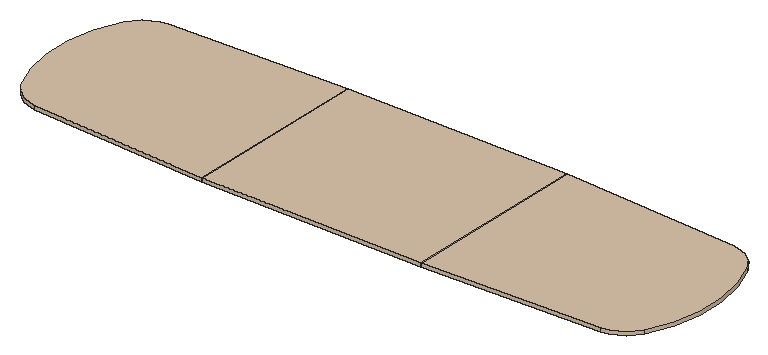
Revit family "Haworth_Planes_ColumnBaseConferenceTable_PebbleThreePiece_TopOnly", category Furniture Systems, Revit 2018
Family settings
  Round Connector Dimension = Use Diameter
  Part Type = Normal
  OmniClass Number = 23.40.70.14.64.21
  OmniClass Title = Systems Furniture
  Work Plane-Based = No
  Always vertical = Yes
  Cut with Voids When Loaded = No
  Shared = No
  Room Calculation Point = No
Parameters (values of type "216w 60d")
  Worksurface Finish [instance] = Haworth _ Laminate _ Maple H-AE
  Worksurface Edge Finish [instance] = Haworth _ Laminate _ Maple H-AE
  Width = 216"
  Warranty = "http://www.haworth.com/resources/product-info/warranties"
  URL - Product = "http://www.haworth.com/products/tables/conference/planes"
  Trim Finish = Haworth _ Laminate _ Maple H-AE
  Sustainability Info = "https://www.haworth.com/company-info/sustainability"
  Opening Single Wide = no
  Opening Single = not(or(Opening Single Wide, Opening Double, Opening Double Wide))  # no
  Opening Left/Right = not(Opening Center)  # no
  Opening Double Wide = no
  Opening Double = yes
  Opening Center = yes
  Model = "TARP"  # constant formula
  Min. Depth = 42"  # constant formula
  Max. Depth = 60"  # constant formula
  URL = "www.haworth.com"
  Support Height = Actual Height - Table Thickness  # 27 13/16"
  Size [instance] = "Verify Final Dim. w/ Haworth"  # constant formula
  Revision Number = "1"  # constant formula
  Min/Max Width = "186-270 @ 6 in. increments"  # constant formula
  Standard Height = "21, 29, 41 in."  # constant formula
  Min. Width = 186"  # constant formula
  Max. Width = 270"  # constant formula
  Min. Height = 21"  # constant formula
  Max. Height = 41"  # constant formula
  Manufacturer = "Haworth"  # constant formula
  Third Width = Actual Width / 6  # 36"
  Height = 29"
  Fliptop Width = Cutout Width + 1/4"  # 8 1/4"
  Fliptop Side Vis. = and(Flip Top, [Opening Left/Right])  # no
  Fliptop Depth = Cutout Depth + 3/8"  # 8 1/16"
  Fliptop Center Vis. = and(Flip Top, Opening Center)  # yes
  Flip Top Finish = Haworth _ Paint _ Metallic Champagne
  Flip Top = yes
  Description = "Haworth Planes Column Base Conference Table - Pebble Three Piece"  # constant formula
  Depth = 60"
  Cutout Width = if(or(Opening Single Wide, Opening Double Wide), 11", 8")  # 8"
  Cutout Side Offset = Actual Width / 12  # 18"
  Cutout Depth = if(or(Opening Double, Opening Double Wide), 7 11/16", 4")  # 7 11/16"
  Custom Size = not(and(or(Depth = 42", Depth = 48", Depth = 54", Depth = 60"), or(Width = 186", Width = 192", Width = 198", Width = 204", Width = 210", Width = 216", Width = 222", Width = 228", Width = 234", Width = 240", Width = 246", Width = 252", Width = 258", Width = 264", Width = 270")))  # no
  Base Finish = Haworth _ Metal _ Brushed Aluminum
  Author = "Haworth (Alias)"  # constant formula
  Assembly Code = "E2020200"
  Actual Width = if(Width > Max. Width, Max. Width, if(Width < Min. Width, Min. Width, Width))  # 216"
  Actual Height = if(Height > Max. Height, Max. Height, if(Height < Min. Height, Min. Height, Height))  # 29"
  Table Thickness = 1 3/16"  # constant formula
  Standard Depths = "42, 48, 54, 60 in."  # constant formula
  Actual Depth = if(Depth > Max. Depth, Max. Depth, if(Depth < Min. Depth, Min. Depth, Depth))  # 60"
Reference planes (in)
  plane 1 "Center F/B": y = 8.84134
  plane 2 "Floor": z = 0
  plane 3 "Center L/R": x = 0
  plane 4 "Table Edge Left": x = -108
  plane 5 "Table Edge Right": x = 108
  plane 6 "Table Edge Back": y = -21.15866
  plane 7 "Table Edge Front": y = 38.84134
  plane 8 "Table Top": z = 29
  plane 9 "masking region": z = 27
  plane 10 "Left Middle Support": x = -72
  plane 11 "Right Middle Support": x = 72
  plane 12: z = 27.8125
  plane 13 "Left Seam": x = -36
  plane 14 "Right Seam": x = 36
  plane 15 "Fliptop Left 1": x = -90
  plane 16 "Fliptop Left2": x = -54
  plane 17 "Fliptop Left 3": x = -18
  plane 18 "Fliptop Right 3": x = 18
  plane 19 "Fliptop Right 2": x = 54
  plane 20 "Fliptop Right 1": x = 90
Dimensions and locks (in)
  "Actual Depth": plane 7 "Table Edge Front" to plane 6 "Table Edge Back"
  "Actual Width": plane 4 "Table Edge Left" to plane 5 "Table Edge Right"
  "Actual Height": plane 8 "Table Top" to level
  "Table Thickness": plane 8 "Table Top" to plane 12
  equal spacing: plane 4 "Table Edge Left", plane 10 "Left Middle Support", plane 13 "Left Seam", plane 3 "Center L/R", plane 14 "Right Seam", plane 11 "Right Middle Support", plane 5 "Table Edge Right"
  equal spacing: plane 7 "Table Edge Front", plane 1 "Center F/B", plane 6 "Table Edge Back"
  "Cutout Side Offset": plane 14 "Right Seam" to plane 19 "Fliptop Right 2"
  "Cutout Side Offset": plane 18 "Fliptop Right 3" to plane 14 "Right Seam"
  "Cutout Side Offset": plane 13 "Left Seam" to plane 17 "Fliptop Left 3"
  "Cutout Side Offset": plane 16 "Fliptop Left2" to plane 13 "Left Seam"
  "Cutout Side Offset": plane 4 "Table Edge Left" to plane 15 "Fliptop Left 1"
  "Cutout Side Offset": plane 20 "Fliptop Right 1" to plane 5 "Table Edge Right"
  aligned and locked: nested 1 to plane 3 "Center L/R"
  aligned and locked: plane 1 "Center F/B" to nested 1
  aligned and locked: plane 2 "Floor" to nested 1
Nested families (in)
  nested 1: "Haworth_Planes_Worksurface_Pebble_3Piece_PART" at (0, -6.15866, 0), type "Worksurface"
    with Actual Width 216"
Definition of nested family "Haworth_Planes_Worksurface_Pebble_3Piece_PART"
  Parameters (values of type "Worksurface")
    Warranty = "https://www.haworth.com/resources/product-info/warranties"
    URL - Product = ""
    URL = "www.haworth.com"
    Thickness = 1 3/16"
    Table Finish = none
    Table Edge Finish = none
    Revision Number = ""
    Note = "Verify Final Dim. w/ Haworth"  # constant formula
    Manufacturer = "Haworth"  # constant formula
    Depth 60 = and(Actual Depth > 57", Actual Depth < 61")  # yes
    Depth 54 = and(Actual Depth > 51", Actual Depth < 58")  # no
    Depth 48 = and(Actual Depth > 45", Actual Depth < 52")  # no
    Depth 42 = and(Actual Depth > 41", Actual Depth < 46")  # no
    Cutout Width = 8"  # constant formula
    Cutout Dimension = 3"  # constant formula
    Cutout Depth = 4"  # constant formula
    Author = "Haworth (Alias)"  # constant formula
    Assembly Code = ""
    Actual Width = 270"
    Actual Height = 29"
    Actual Depth = 60"
  Reference planes (in)
    plane 1 "Center F/B": y = 15
    plane 2 "Bottom": z = 0
    plane 3 "Center L/R": x = 0
    plane 4 "Table Front": y = 45
    plane 5 "Table Right": x = 135
    plane 6 "Table Left": x = -135
    plane 7 "Table Back": y = -15
    plane 8 "Table Top": z = 29
    plane 9 "Table Bottom": z = 27.8125
    plane 10 "Cutout Top": z = 30
    plane 11 "Cutout Bottom": z = 27
    plane 12 "KnifeEdge Middle": z = 28.625
  Dimensions and locks (in)
    "Actual Depth": plane 7 "Table Back" to plane 4 "Table Front"
    "Actual Width": plane 6 "Table Left" to plane 5 "Table Right"
    equal spacing: plane 6 "Table Left", plane 3 "Center L/R", plane 5 "Table Right"
    equal spacing: plane 4 "Table Front", plane 1 "Center F/B", plane 7 "Table Back"
    "Thickness": plane 8 "Table Top" to plane 9 "Table Bottom"
    "Actual Height": plane 8 "Table Top" to level
    "Cutout Dimension": plane 10 "Cutout Top" to plane 11 "Cutout Bottom"
    plane 10 "Cutout Top" to plane 8 "Table Top" = 1"
    locked: plane 8 "Table Top" to plane 12 "KnifeEdge Middle" at 0.375
    aligned and locked: plane 3 "Center L/R" to nested 2
    aligned and locked: plane 3 "Center L/R" to nested 1
    aligned and locked: plane 3 "Center L/R" to nested 3
    aligned and locked: plane 3 "Center L/R" to nested 4
    aligned and locked: plane 1 "Center F/B" to nested 2
    aligned and locked: plane 1 "Center F/B" to nested 1
    aligned and locked: plane 1 "Center F/B" to nested 3
    aligned and locked: plane 1 "Center F/B" to nested 4
  Nested families (in)
    nested 1: "Haworth_Planes_Worksurface_Pebble54_3Pieces_Part" at (0, 0, 0), visible <- "Depth 54", type "Worksurface"
      with Width 270", Center Cutout Offset 45", Actual Width 270", 270w yes, 186w no
    nested 2: "Haworth_Planes_Worksurface_Pebble60_3Pieces_Part" at (0, 0, 0), visible <- "Depth 60", type "Worksurface"
      with Width 270", Center Cutout Offset 45", Actual Width 270", 270w yes, 186w no
    nested 3: "Haworth_Planes_Worksurface_Pebble48_3Pieces_Part" at (0, 0, 0), visible <- "Depth 48", type "Worksurface"
      with Width 270", Center Cutout Offset 45", Actual Width 270", 270w yes, 186w no
    nested 4: "Haworth_Planes_Worksurface_Pebble42_3Pieces_Part" at (0, 0, 0), visible <- "Depth 42", type "Worksurface"
      with Width 270", Center Cutout Offset 45", Actual Width 270", 270w yes, 186w no
  Definition of nested family "Haworth_Planes_Worksurface_Pebble54_3Pieces_Part"
    Parameters (values of type "Worksurface")
      Width = 180"
      Warranty = "https://www.haworth.com/resources/product-info/warranties"
      URL - Product = ""
      URL = "www.haworth.com"
      Thickness = 1 3/16"
      Table Finish = none
      Table Edge Finish = none
      Revision Number = ""
      Note = "Verify Final Dim. w/ Haworth"  # constant formula
      Min. Width = 186"  # constant formula
      Min. Depth = 54"  # constant formula
      Max. Width = 270"  # constant formula
      Max. Depth = 54"  # constant formula
      Manufacturer = "Haworth"  # constant formula
      Depth = 54"  # constant formula
      Cutout Width = 8"  # constant formula
      Cutout Dimension = 3"  # constant formula
      Cutout Depth = 4"  # constant formula
      Center Cutout Offset = Actual Width / 6  # 31"
      Author = "Haworth (Alias)"  # constant formula
      Assembly Code = ""
      Actual Width = if(Width < Min. Width, Min. Width, if(Width > Max. Width, Max. Width, Width))  # 186"
      Actual Height = 29"
      Actual Depth = if(Depth > Max. Depth, Max. Depth, if(Depth < Min. Depth, Min. Depth, Depth))  # 54"
      270w = and(267" < Actual Width, Actual Width < 271")  # no
      264w = and(261" < Actual Width, Actual Width < 268")  # no
      258w = and(255" < Actual Width, Actual Width < 262")  # no
      252w = and(249" < Actual Width, Actual Width < 256")  # no
      246w = and(243" < Actual Width, Actual Width < 250")  # no
      240w = and(237" < Actual Width, Actual Width < 244")  # no
      234w = and(231" < Actual Width, Actual Width < 238")  # no
      228w = and(225" < Actual Width, Actual Width < 232")  # no
      222w = and(219" < Actual Width, Actual Width < 226")  # no
      216w = and(213" < Actual Width, Actual Width < 220")  # no
      210w = and(207" < Actual Width, Actual Width < 214")  # no
      204w = and(201" < Actual Width, Actual Width < 208")  # no
      198w = and(195" < Actual Width, Actual Width < 202")  # no
      192w = and(189" < Actual Width, Actual Width < 196")  # no
      186w = and(185" < Actual Width, Actual Width < 190")  # yes
    Reference planes (in)
      plane 1 "Center F/B": y = 15
      plane 2 "Bottom": z = 0
      plane 3 "Center L/R": x = 0
      plane 4 "Table Top": z = 29
      plane 5 "Table Bottom": z = 27.8125
      plane 6 "Cutout Top": z = 30
      plane 7 "Cutout Bottom": z = 27
      plane 8 "KnifeEdge Middle": z = 28.625
    Forms (in)
      Extrusion 1, solid, material <- "Table Finish", visible <- "186w"
        sketch origin (-305.97381, -90.60307, 0) x (1, 0, 0) y (0, 1, 0)
          loop
            arc (226.58168, 81.28787) -> (250.82287, 79.35532) -> (275.13381, 78.76561) r 439.79367
            line (275.13381, 78.76561) -> (275.13381, 132.44053)
            arc (275.13381, 132.44053) -> (250.82287, 131.85082) -> (226.58168, 129.91827) r 439.79367
            arc (226.58168, 129.91827) -> (220.63545, 127.56442) -> (216.74271, 122.49047) r 12
            arc (216.74271, 122.49047) -> (213.45381, 105.60307) -> (216.74271, 88.71567) r 45
            arc (216.74271, 88.71567) -> (220.63545, 83.64172) -> (226.58168, 81.28787) r 12
          loop
            arc (336.81381, 78.76561) -> (361.12475, 79.35532) -> (385.36594, 81.28787) r 439.79367
            arc (385.36594, 81.28787) -> (391.31218, 83.64172) -> (395.20491, 88.71567) r 12
            arc (395.20491, 88.71567) -> (398.49381, 105.60307) -> (395.20491, 122.49047) r 45
            arc (395.20491, 122.49047) -> (391.31218, 127.56442) -> (385.36594, 129.91827) r 12
            arc (385.36594, 129.91827) -> (361.12475, 131.85082) -> (336.81381, 132.44053) r 439.79367
            line (336.81381, 132.44053) -> (336.81381, 78.76561)
        from 27.8125 to 29
      Extrusion 2, solid, material <- "Table Finish", visible <- "192w"
        sketch origin (-305.63818, -149.45142, 0) x (1, 0, 0) y (0, 1, 0)
          loop
            arc (213.4076, 181.34011) -> (210.11818, 164.45142) -> (213.4076, 147.56274) r 45
            arc (213.4076, 147.56274) -> (217.32199, 142.47272) -> (223.30033, 140.1296) r 12
            arc (223.30033, 140.1296) -> (248.51597, 138.20359) -> (273.79818, 137.61377) r 478.03208
            line (273.79818, 137.61377) -> (273.79818, 191.28908)
            arc (273.79818, 191.28908) -> (248.51597, 190.69926) -> (223.30033, 188.77325) r 478.03208
            arc (223.30033, 188.77325) -> (217.32199, 186.43013) -> (213.4076, 181.34011) r 12
          loop
            arc (337.47818, 137.61377) -> (362.76039, 138.20359) -> (387.97603, 140.1296) r 478.03208
            arc (387.97603, 140.1296) -> (393.95437, 142.47272) -> (397.86876, 147.56274) r 12
            arc (397.86876, 147.56274) -> (401.15818, 164.45142) -> (397.86876, 181.34011) r 45
            arc (397.86876, 181.34011) -> (393.95437, 186.43013) -> (387.97603, 188.77325) r 12
            arc (387.97603, 188.77325) -> (362.76039, 190.69926) -> (337.47818, 191.28908) r 478.03208
            line (337.47818, 191.28908) -> (337.47818, 137.61377)
        from 27.8125 to 29
      Extrusion 3, solid, material <- "Table Finish", visible <- "198w"
        sketch origin (-305.63818, -205.71285, 0) x (1, 0, 0) y (0, 1, 0)
          loop
            arc (210.40796, 237.60241) -> (207.11818, 220.71285) -> (210.40796, 203.82329) r 45
            arc (210.40796, 203.82329) -> (214.34224, 198.71852) -> (220.35005, 196.38539) r 12
            arc (220.35005, 196.38539) -> (246.54228, 194.46504) -> (272.79818, 193.87501) r 517.86972
            line (272.79818, 193.87501) -> (272.79818, 247.55069)
            arc (272.79818, 247.55069) -> (246.54228, 246.96066) -> (220.35005, 245.04031) r 517.86972
            arc (220.35005, 245.04031) -> (214.34224, 242.70719) -> (210.40796, 237.60241) r 12
          loop
            arc (338.47818, 193.87501) -> (364.73408, 194.46504) -> (390.92631, 196.38539) r 517.86972
            arc (390.92631, 196.38539) -> (396.93412, 198.71852) -> (400.8684, 203.82329) r 12
            arc (400.8684, 203.82329) -> (404.15818, 220.71285) -> (400.8684, 237.60241) r 45
            arc (400.8684, 237.60241) -> (396.93412, 242.70719) -> (390.92631, 245.04031) r 12
            arc (390.92631, 245.04031) -> (364.73408, 246.96066) -> (338.47818, 247.55069) r 517.86972
            line (338.47818, 247.55069) -> (338.47818, 193.87501)
        from 27.8125 to 29
      Extrusion 4, solid, material <- "Table Finish", visible <- "204w"
        sketch origin (-304.79798, -262.814, 0) x (1, 0, 0) y (0, 1, 0)
          loop
            arc (206.56798, 294.70412) -> (203.27798, 277.814) -> (206.56798, 260.92388) r 45
            arc (206.56798, 260.92388) -> (210.5206, 255.80552) -> (216.55557, 253.48172) r 12
            arc (216.55557, 253.48172) -> (243.72626, 251.56632) -> (270.95798, 250.97601) r 559.30658
            line (270.95798, 250.97601) -> (270.95798, 304.65199)
            arc (270.95798, 304.65199) -> (243.72626, 304.06168) -> (216.55557, 302.14628) r 559.30658
            arc (216.55557, 302.14628) -> (210.5206, 299.82248) -> (206.56798, 294.70412) r 12
          loop
            arc (338.63798, 250.97601) -> (365.86969, 251.56632) -> (393.04038, 253.48172) r 559.30658
            arc (393.04038, 253.48172) -> (399.07535, 255.80552) -> (403.02797, 260.92388) r 12
            arc (403.02797, 260.92388) -> (406.31798, 277.814) -> (403.02797, 294.70412) r 45
            arc (403.02797, 294.70412) -> (399.07535, 299.82248) -> (393.04038, 302.14628) r 12
            arc (393.04038, 302.14628) -> (365.86969, 304.06168) -> (338.63798, 304.65199) r 559.30658
            line (338.63798, 304.65199) -> (338.63798, 250.97601)
        from 27.8125 to 29
      Extrusion 5, solid, material <- "Table Finish", visible <- "210w"
        sketch origin (-304.79798, -318.65556, 0) x (1, 0, 0) y (0, 1, 0)
          loop
            arc (203.5681, 350.54598) -> (200.27798, 333.65556) -> (203.5681, 316.76515) r 45
            arc (203.5681, 316.76515) -> (207.5377, 311.63421) -> (213.59778, 309.31913) r 12
            arc (213.59778, 309.31913) -> (241.74857, 307.40808) -> (269.95798, 306.81743) r 602.34267
            line (269.95798, 306.81743) -> (269.95798, 360.4937)
            arc (269.95798, 360.4937) -> (241.74857, 359.90305) -> (213.59778, 357.99199) r 602.34267
            arc (213.59778, 357.99199) -> (207.5377, 355.67691) -> (203.5681, 350.54598) r 12
          loop
            arc (339.63798, 306.81743) -> (367.84738, 307.40808) -> (395.99818, 309.31913) r 602.34267
            arc (395.99818, 309.31913) -> (402.05826, 311.63421) -> (406.02785, 316.76515) r 12
            arc (406.02785, 316.76515) -> (409.31798, 333.65556) -> (406.02785, 350.54598) r 45
            arc (406.02785, 350.54598) -> (402.05826, 355.67691) -> (395.99818, 357.99199) r 12
            arc (395.99818, 357.99199) -> (367.84738, 359.90305) -> (339.63798, 360.4937) r 602.34267
            line (339.63798, 360.4937) -> (339.63798, 306.81743)
        from 27.8125 to 29
      Extrusion 6, solid, material <- "Table Finish", visible <- "216w"
        sketch origin (-304.80652, -375, 0) x (1, 0, 0) y (0, 1, 0)
          loop
            arc (200.57668, 406.45979) -> (197.28652, 389.56928) -> (200.57668, 372.67878) r 45
            arc (200.57668, 372.67878) -> (204.56202, 367.53619) -> (210.6454, 365.22928) r 12
            arc (210.6454, 365.22928) -> (239.77777, 363.32205) -> (268.96652, 362.73102) r 646.97799
            line (268.96652, 362.73102) -> (268.96652, 416.40754)
            arc (268.96652, 416.40754) -> (239.77777, 415.81651) -> (210.6454, 413.90928) r 646.97799
            arc (210.6454, 413.90928) -> (204.56202, 411.60238) -> (200.57668, 406.45979) r 12
          loop
            arc (340.64652, 362.73102) -> (369.83527, 363.32205) -> (398.96764, 365.22928) r 646.97799
            arc (398.96764, 365.22928) -> (405.05101, 367.53619) -> (409.03636, 372.67878) r 12
            arc (409.03636, 372.67878) -> (412.32652, 389.56928) -> (409.03636, 406.45979) r 45
            arc (409.03636, 406.45979) -> (405.05101, 411.60238) -> (398.96764, 413.90928) r 12
            arc (398.96764, 413.90928) -> (369.83527, 415.81651) -> (340.64652, 416.40754) r 646.97799
            line (340.64652, 416.40754) -> (340.64652, 362.73102)
        from 27.8125 to 29
      Extrusion 7, solid, material <- "Table Finish", visible <- "222w"
        sketch origin (-303.79135, -430.76939, 0) x (1, 0, 0) y (0, 1, 0)
          loop
            arc (196.56148, 462.65981) -> (193.27135, 445.76939) -> (196.56148, 428.87896) r 45
            arc (196.56148, 428.87896) -> (200.56149, 423.72553) -> (206.66652, 421.4263) r 12
            arc (206.66652, 421.4263) -> (236.78178, 419.52245) -> (266.95135, 418.93101) r 693.21253
            line (266.95135, 418.93101) -> (266.95135, 472.60776)
            arc (266.95135, 472.60776) -> (236.78178, 472.01632) -> (206.66652, 470.11248) r 693.21253
            arc (206.66652, 470.11248) -> (200.56149, 467.81325) -> (196.56148, 462.65981) r 12
          loop
            arc (340.63135, 418.93101) -> (370.80093, 419.52245) -> (400.91618, 421.4263) r 693.21253
            arc (400.91618, 421.4263) -> (407.02122, 423.72553) -> (411.02123, 428.87896) r 12
            arc (411.02123, 428.87896) -> (414.31135, 445.76939) -> (411.02123, 462.65981) r 45
            arc (411.02123, 462.65981) -> (407.02122, 467.81325) -> (400.91618, 470.11248) r 12
            arc (400.91618, 470.11248) -> (370.80093, 472.01632) -> (340.63135, 472.60776) r 693.21253
            line (340.63135, 472.60776) -> (340.63135, 418.93101)
        from 27.8125 to 29
      Extrusion 8, solid, material <- "Table Finish", visible <- "228w"
        sketch origin (-303.59217, -487.22586, 0) x (1, 0, 0) y (0, 1, 0)
          loop
            arc (193.36221, 519.11607) -> (190.07217, 502.22586) -> (193.36221, 485.33564) r 45
            arc (193.36221, 485.33564) -> (197.3759, 480.1721) -> (203.50114, 477.88009) r 12
            arc (203.50114, 477.88009) -> (234.60045, 475.97925) -> (265.75217, 475.38738) r 741.0463
            line (265.75217, 475.38738) -> (265.75217, 529.06434)
            arc (265.75217, 529.06434) -> (234.60045, 528.47246) -> (203.50114, 526.57163) r 741.0463
            arc (203.50114, 526.57163) -> (197.3759, 524.27962) -> (193.36221, 519.11607) r 12
          loop
            arc (341.43217, 475.38738) -> (372.58389, 475.97925) -> (403.6832, 477.88009) r 741.0463
            arc (403.6832, 477.88009) -> (409.80844, 480.1721) -> (413.82213, 485.33564) r 12
            arc (413.82213, 485.33564) -> (417.11217, 502.22586) -> (413.82213, 519.11607) r 45
            arc (413.82213, 519.11607) -> (409.80844, 524.27962) -> (403.6832, 526.57163) r 12
            arc (403.6832, 526.57163) -> (372.58389, 528.47246) -> (341.43217, 529.06434) r 741.0463
            line (341.43217, 529.06434) -> (341.43217, 475.38738)
        from 27.8125 to 29
      Extrusion 9, solid, material <- "Table Finish", visible <- "234w"
        sketch origin (-302.7499, -543.20476, 0) x (1, 0, 0) y (0, 1, 0)
          loop
            arc (189.51981, 575.09466) -> (186.2299, 558.20476) -> (189.51981, 541.31486) r 45
            arc (189.51981, 541.31486) -> (193.54629, 536.14186) -> (199.69042, 533.85667) r 12
            arc (199.69042, 533.85667) -> (231.77484, 531.95851) -> (263.9099, 531.36619) r 790.4793
            line (263.9099, 531.36619) -> (263.9099, 585.04333)
            arc (263.9099, 585.04333) -> (231.77484, 584.45101) -> (199.69042, 582.55286) r 790.4793
            arc (199.69042, 582.55286) -> (193.54629, 580.26766) -> (189.51981, 575.09466) r 12
          loop
            arc (341.5899, 531.36619) -> (373.72496, 531.95851) -> (405.80938, 533.85667) r 790.4793
            arc (405.80938, 533.85667) -> (411.95351, 536.14186) -> (415.97998, 541.31486) r 12
            arc (415.97998, 541.31486) -> (419.2699, 558.20476) -> (415.97998, 575.09466) r 45
            arc (415.97998, 575.09466) -> (411.95351, 580.26766) -> (405.80938, 582.55286) r 12
            arc (405.80938, 582.55286) -> (373.72496, 584.45101) -> (341.5899, 585.04333) r 790.4793
            line (341.5899, 585.04333) -> (341.5899, 531.36619)
        from 27.8125 to 29
      Extrusion 10, solid, material <- "Table Finish", visible <- "240w"
        sketch origin (-303.14346, -599.15381, 0) x (1, 0, 0) y (0, 1, 0)
          loop
            arc (186.91321, 631.0433) -> (183.62346, 614.15381) -> (186.91321, 597.26432) r 45
            arc (186.91321, 597.26432) -> (190.95169, 592.08246) -> (197.11352, 589.80369) r 12
            arc (197.11352, 589.80369) -> (230.184, 587.90793) -> (263.30346, 587.31515) r 841.51153
            line (263.30346, 587.31515) -> (263.30346, 640.99247)
            arc (263.30346, 640.99247) -> (230.184, 640.39969) -> (197.11352, 638.50393) r 841.51153
            arc (197.11352, 638.50393) -> (190.95169, 636.22516) -> (186.91321, 631.0433) r 12
          loop
            arc (342.98346, 587.31515) -> (376.10293, 587.90793) -> (409.17341, 589.80369) r 841.51153
            arc (409.17341, 589.80369) -> (415.33524, 592.08246) -> (419.37371, 597.26432) r 12
            arc (419.37371, 597.26432) -> (422.66346, 614.15381) -> (419.37371, 631.0433) r 45
            arc (419.37371, 631.0433) -> (415.33524, 636.22516) -> (409.17341, 638.50393) r 12
            arc (409.17341, 638.50393) -> (376.10293, 640.39969) -> (342.98346, 640.99247) r 841.51153
            line (342.98346, 640.99247) -> (342.98346, 587.31515)
        from 27.8125 to 29
      Extrusion 11, solid, material <- "Table Finish", visible <- "246w"
        sketch origin (-302.15763, -660.53693, 0) x (1, 0, 0) y (0, 1, 0)
          loop
            arc (182.92719, 692.42595) -> (179.63763, 675.53693) -> (182.92719, 658.64791) r 45
            arc (182.92719, 658.64791) -> (186.97693, 653.45773) -> (193.15538, 651.18504) r 12
            arc (193.15538, 651.18504) -> (227.21279, 649.29143) -> (261.31763, 648.6982) r 894.14298
            line (261.31763, 648.6982) -> (261.31763, 702.37567)
            arc (261.31763, 702.37567) -> (227.21279, 701.78243) -> (193.15538, 699.88882) r 894.14298
            arc (193.15538, 699.88882) -> (186.97693, 697.61613) -> (182.92719, 692.42595) r 12
          loop
            arc (342.99763, 648.6982) -> (377.10248, 649.29143) -> (411.15988, 651.18504) r 894.14298
            arc (411.15988, 651.18504) -> (417.33833, 653.45773) -> (421.38807, 658.64791) r 12
            arc (421.38807, 658.64791) -> (424.67763, 675.53693) -> (421.38807, 692.42595) r 45
            arc (421.38807, 692.42595) -> (417.33833, 697.61613) -> (411.15988, 699.88882) r 12
            arc (411.15988, 699.88882) -> (377.10248, 701.78243) -> (342.99763, 702.37567) r 894.14298
            line (342.99763, 702.37567) -> (342.99763, 648.6982)
        from 27.8125 to 29
      Extrusion 12, solid, material <- "Table Finish", visible <- "252w"
        sketch origin (-303.51172, -719.4057, 0) x (1, 0, 0) y (0, 1, 0)
          loop
            arc (181.28106, 751.29419) -> (177.99172, 734.4057) -> (181.28106, 717.5172) r 45
            arc (181.28106, 717.5172) -> (185.34141, 712.31919) -> (191.5355, 710.05226) r 12
            arc (191.5355, 710.05226) -> (226.58061, 708.16059) -> (261.67172, 707.56689) r 948.37366
            line (261.67172, 707.56689) -> (261.67172, 761.2445)
            arc (261.67172, 761.2445) -> (226.58061, 760.6508) -> (191.5355, 758.75913) r 948.37366
            arc (191.5355, 758.75913) -> (185.34141, 756.4922) -> (181.28106, 751.29419) r 12
          loop
            arc (345.35172, 707.56689) -> (380.44282, 708.16059) -> (415.48793, 710.05226) r 948.37366
            arc (415.48793, 710.05226) -> (421.68202, 712.31919) -> (425.74237, 717.5172) r 12
            arc (425.74237, 717.5172) -> (429.03172, 734.4057) -> (425.74237, 751.29419) r 45
            arc (425.74237, 751.29419) -> (421.68202, 756.4922) -> (415.48793, 758.75913) r 12
            arc (415.48793, 758.75913) -> (380.44282, 760.6508) -> (345.35172, 761.2445) r 948.37366
            line (345.35172, 761.2445) -> (345.35172, 707.56689)
        from 27.8125 to 29
      Extrusion 13, solid, material <- "Table Finish", visible <- "258w"
        sketch origin (-301.48059, -778.27446, 0) x (1, 0, 0) y (0, 1, 0)
          loop
            arc (176.24971, 810.16239) -> (172.96059, 793.27446) -> (176.24971, 776.38654) r 45
            arc (176.24971, 776.38654) -> (180.32006, 771.18115) -> (186.52889, 768.91968) r 12
            arc (186.52889, 768.91968) -> (222.56242, 767.02975) -> (258.64059, 766.43559) r 1004.20356
            line (258.64059, 766.43559) -> (258.64059, 820.11333)
            arc (258.64059, 820.11333) -> (222.56242, 819.51917) -> (186.52889, 817.62925) r 1004.20356
            arc (186.52889, 817.62925) -> (180.32006, 815.36778) -> (176.24971, 810.16239) r 12
          loop
            arc (344.32059, 766.43559) -> (380.39876, 767.02975) -> (416.43229, 768.91968) r 1004.20356
            arc (416.43229, 768.91968) -> (422.64113, 771.18115) -> (426.71148, 776.38654) r 12
            arc (426.71148, 776.38654) -> (430.00059, 793.27446) -> (426.71148, 810.16239) r 45
            arc (426.71148, 810.16239) -> (422.64113, 815.36778) -> (416.43229, 817.62925) r 12
            arc (416.43229, 817.62925) -> (380.39876, 819.51917) -> (344.32059, 820.11333) r 1004.20356
            line (344.32059, 820.11333) -> (344.32059, 766.43559)
        from 27.8125 to 29
      Extrusion 14, solid, material <- "Table Finish", visible <- "264w"
        sketch origin (-300.95179, -836.17506, 0) x (1, 0, 0) y (0, 1, 0)
          loop
            arc (172.72066, 868.06239) -> (169.43179, 851.17506) -> (172.72066, 834.28773) r 45
            arc (172.72066, 834.28773) -> (176.80046, 829.07537) -> (183.02321, 826.8191) r 12
            arc (183.02321, 826.8191) -> (220.04582, 824.93075) -> (257.11179, 824.33613) r 1061.63269
            line (257.11179, 824.33613) -> (257.11179, 878.01399)
            arc (257.11179, 878.01399) -> (220.04582, 877.41937) -> (183.02321, 875.53102) r 1061.63269
            arc (183.02321, 875.53102) -> (176.80046, 873.27474) -> (172.72066, 868.06239) r 12
          loop
            arc (344.79179, 824.33613) -> (381.85775, 824.93075) -> (418.88036, 826.8191) r 1061.63269
            arc (418.88036, 826.8191) -> (425.10312, 829.07537) -> (429.18291, 834.28773) r 12
            arc (429.18291, 834.28773) -> (432.47179, 851.17506) -> (429.18291, 868.06239) r 45
            arc (429.18291, 868.06239) -> (425.10312, 873.27474) -> (418.88036, 875.53102) r 12
            arc (418.88036, 875.53102) -> (381.85775, 877.41937) -> (344.79179, 878.01399) r 1061.63269
            line (344.79179, 878.01399) -> (344.79179, 824.33613)
        from 27.8125 to 29
      Extrusion 15, solid, material <- "Table Finish", visible <- "270w"
        sketch origin (-300.83545, -897.80155, 0) x (1, 0, 0) y (0, 1, 0)
          loop
            arc (169.60407, 929.68825) -> (166.31545, 912.80155) -> (169.60407, 895.91485) r 45
            arc (169.60407, 895.91485) -> (173.69281, 890.6959) -> (179.92873, 888.44456) r 12
            arc (179.92873, 888.44456) -> (217.94102, 886.55764) -> (255.99545, 885.96256) r 1120.66105
            line (255.99545, 885.96256) -> (255.99545, 939.64053)
            arc (255.99545, 939.64053) -> (217.94102, 939.04546) -> (179.92873, 937.15854) r 1120.66105
            arc (179.92873, 937.15854) -> (173.69281, 934.9072) -> (169.60407, 929.68825) r 12
          loop
            arc (345.67545, 885.96256) -> (383.72989, 886.55764) -> (421.74218, 888.44456) r 1120.66105
            arc (421.74218, 888.44456) -> (427.9781, 890.6959) -> (432.06683, 895.91485) r 12
            arc (432.06683, 895.91485) -> (435.35545, 912.80155) -> (432.06683, 929.68825) r 45
            arc (432.06683, 929.68825) -> (427.9781, 934.9072) -> (421.74218, 937.15854) r 12
            arc (421.74218, 937.15854) -> (383.72989, 939.04546) -> (345.67545, 939.64053) r 1120.66105
            line (345.67545, 939.64053) -> (345.67545, 885.96256)
        from 27.8125 to 29
      Extrusion 16, solid, material <- "Table Finish", visible <- "186w"
        sketch origin (-305.97381, -90.60307, 0) x (1, 0, 0) y (0, 1, 0)
          loop
            line (275.13381, 132.44053) -> (275.13381, 78.76561) -> (336.81381, 78.76561) -> (336.81381, 132.44053) -> (275.13381, 132.44053)
        from 27.8125 to 29
      Extrusion 17, solid, material <- "Table Finish", visible <- "192w"
        sketch origin (-305.63818, -149.45142, 0) x (1, 0, 0) y (0, 1, 0)
          loop
            line (273.79818, 191.28908) -> (273.79818, 137.61377) -> (337.47818, 137.61377) -> (337.47818, 191.28908) -> (273.79818, 191.28908)
        from 27.8125 to 29
      Extrusion 18, solid, material <- "Table Finish", visible <- "198w"
        sketch origin (-305.63818, -205.71285, 0) x (1, 0, 0) y (0, 1, 0)
          loop
            line (272.79818, 247.55069) -> (272.79818, 193.87501) -> (338.47818, 193.87501) -> (338.47818, 247.55069) -> (272.79818, 247.55069)
        from 27.8125 to 29
      Extrusion 19, solid, material <- "Table Finish", visible <- "204w"
        sketch origin (-304.79798, -262.814, 0) x (1, 0, 0) y (0, 1, 0)
          loop
            line (270.95798, 304.65199) -> (270.95798, 250.97601) -> (338.63798, 250.97601) -> (338.63798, 304.65199) -> (270.95798, 304.65199)
        from 27.8125 to 29
      Extrusion 20, solid, material <- "Table Finish", visible <- "210w"
        sketch origin (-304.79798, -318.65556, 0) x (1, 0, 0) y (0, 1, 0)
          loop
            line (269.95798, 360.4937) -> (269.95798, 306.81743) -> (339.63798, 306.81743) -> (339.63798, 360.4937) -> (269.95798, 360.4937)
        from 27.8125 to 29
      Extrusion 21, solid, material <- "Table Finish", visible <- "216w"
        sketch origin (-304.80652, -375, 0) x (1, 0, 0) y (0, 1, 0)
          loop
            line (268.96652, 416.40754) -> (268.96652, 362.73102) -> (340.64652, 362.73102) -> (340.64652, 416.40754) -> (268.96652, 416.40754)
        from 27.8125 to 29
      Extrusion 22, solid, material <- "Table Finish", visible <- "222w"
        sketch origin (-303.79135, -430.76939, 0) x (1, 0, 0) y (0, 1, 0)
          loop
            line (266.95135, 472.60776) -> (266.95135, 418.93101) -> (340.63135, 418.93101) -> (340.63135, 472.60776) -> (266.95135, 472.60776)
        from 27.8125 to 29
      Extrusion 23, solid, material <- "Table Finish", visible <- "228w"
        sketch origin (-303.59217, -487.22586, 0) x (1, 0, 0) y (0, 1, 0)
          loop
            line (265.75217, 529.06434) -> (265.75217, 475.38738) -> (341.43217, 475.38738) -> (341.43217, 529.06434) -> (265.75217, 529.06434)
        from 27.8125 to 29
      Extrusion 24, solid, material <- "Table Finish", visible <- "234w"
        sketch origin (-302.7499, -543.20476, 0) x (1, 0, 0) y (0, 1, 0)
          loop
            line (263.9099, 585.04333) -> (263.9099, 531.36619) -> (341.5899, 531.36619) -> (341.5899, 585.04333) -> (263.9099, 585.04333)
        from 27.8125 to 29
      Extrusion 25, solid, material <- "Table Finish", visible <- "240w"
        sketch origin (-303.14346, -599.15381, 0) x (1, 0, 0) y (0, 1, 0)
          loop
            line (263.30346, 640.99247) -> (263.30346, 587.31515) -> (342.98346, 587.31515) -> (342.98346, 640.99247) -> (263.30346, 640.99247)
        from 27.8125 to 29
      Extrusion 26, solid, material <- "Table Finish", visible <- "246w"
        sketch origin (-302.15763, -660.53693, 0) x (1, 0, 0) y (0, 1, 0)
          loop
            line (261.31763, 702.37567) -> (261.31763, 648.6982) -> (342.99763, 648.6982) -> (342.99763, 702.37567) -> (261.31763, 702.37567)
        from 27.8125 to 29
      Extrusion 27, solid, material <- "Table Finish", visible <- "252w"
        sketch origin (-303.51172, -719.4057, 0) x (1, 0, 0) y (0, 1, 0)
          loop
            line (261.67172, 761.2445) -> (261.67172, 707.56689) -> (345.35172, 707.56689) -> (345.35172, 761.2445) -> (261.67172, 761.2445)
        from 27.8125 to 29
      Extrusion 28, solid, material <- "Table Finish", visible <- "258w"
        sketch origin (-301.48059, -778.27446, 0) x (1, 0, 0) y (0, 1, 0)
          loop
            line (258.64059, 820.11333) -> (258.64059, 766.43559) -> (344.32059, 766.43559) -> (344.32059, 820.11333) -> (258.64059, 820.11333)
        from 27.8125 to 29
      Extrusion 29, solid, material <- "Table Finish", visible <- "264w"
        sketch origin (-300.95179, -836.17506, 0) x (1, 0, 0) y (0, 1, 0)
          loop
            line (257.11179, 878.01399) -> (257.11179, 824.33613) -> (344.79179, 824.33613) -> (344.79179, 878.01399) -> (257.11179, 878.01399)
        from 27.8125 to 29
      Extrusion 30, solid, material <- "Table Finish", visible <- "270w"
        sketch origin (-300.83545, -897.80155, 0) x (1, 0, 0) y (0, 1, 0)
          loop
            line (255.99545, 939.64053) -> (255.99545, 885.96256) -> (345.67545, 885.96256) -> (345.67545, 939.64053) -> (255.99545, 939.64053)
        from 27.8125 to 29
    Lines and regions (in)
      Masking region 1, visible <- "186w"
        outline origin (-305.97381, -90.60307, 0) x (1, 0, 0) y (0, 1, 0)
          loop
            arc (226.81269, 81.26307) -> (250.18991, 79.38866) -> (273.63381, 78.76307) r 439.79367
            line (273.63381, 78.76307) -> (338.31381, 78.76307)
            arc (338.31381, 78.76307) -> (361.75771, 79.38866) -> (385.13493, 81.26307) r 439.79367
            arc (385.13493, 81.26307) -> (391.2183, 83.56998) -> (395.20365, 88.71256) r 12
            arc (395.20365, 88.71256) -> (398.49381, 105.60307) -> (395.20365, 122.49357) r 45
            arc (395.20365, 122.49357) -> (391.2183, 127.63616) -> (385.13493, 129.94307) r 12
            arc (385.13493, 129.94307) -> (361.75772, 131.81748) -> (338.31382, 132.44307) r 439.79367
            line (338.31382, 132.44307) -> (273.6338, 132.44307)
            arc (273.6338, 132.44307) -> (250.18991, 131.81748) -> (226.81269, 129.94307) r 439.79367
            arc (226.81269, 129.94307) -> (220.72932, 127.63616) -> (216.74397, 122.49357) r 12
            arc (216.74397, 122.49357) -> (213.45381, 105.60307) -> (216.74397, 88.71256) r 45
            arc (216.74397, 88.71256) -> (220.72932, 83.56998) -> (226.81269, 81.26307) r 12
      Masking region 2, visible <- "192w"
        outline origin (-305.63818, -149.45142, 0) x (1, 0, 0) y (0, 1, 0)
          loop
            arc (213.40834, 181.34193) -> (210.11818, 164.45142) -> (213.40834, 147.56092) r 45
            arc (213.40834, 147.56092) -> (217.39369, 142.41833) -> (223.47706, 140.11142) r 12
            arc (223.47706, 140.11142) -> (247.85564, 138.23694) -> (272.29818, 137.61142) r 478.03208
            line (272.29818, 137.61142) -> (338.97818, 137.61142)
            arc (338.97818, 137.61142) -> (363.42072, 138.23694) -> (387.7993, 140.11142) r 478.03208
            arc (387.7993, 140.11142) -> (393.88267, 142.41833) -> (397.86802, 147.56092) r 12
            arc (397.86802, 147.56092) -> (401.15818, 164.45142) -> (397.86802, 181.34193) r 45
            arc (397.86802, 181.34193) -> (393.88267, 186.48452) -> (387.7993, 188.79142) r 12
            arc (387.7993, 188.79142) -> (363.42073, 190.66591) -> (338.97819, 191.29142) r 478.03208
            line (338.97819, 191.29142) -> (272.29817, 191.29142)
            arc (272.29817, 191.29142) -> (247.85564, 190.66591) -> (223.47706, 188.79142) r 478.03208
            arc (223.47706, 188.79142) -> (217.39369, 186.48452) -> (213.40834, 181.34193) r 12
      Masking region 3, visible <- "198w"
        outline origin (-305.63818, -205.71285, 0) x (1, 0, 0) y (0, 1, 0)
          loop
            arc (210.40834, 237.60335) -> (207.11818, 220.71285) -> (210.40834, 203.82235) r 45
            arc (210.40834, 203.82235) -> (214.39369, 198.67976) -> (220.47706, 196.37285) r 12
            arc (220.47706, 196.37285) -> (245.85843, 194.49823) -> (271.30125, 193.87285) r 517.86972
            line (271.30125, 193.87285) -> (339.97511, 193.87285)
            arc (339.97511, 193.87285) -> (365.41793, 194.49823) -> (390.7993, 196.37285) r 517.86972
            arc (390.7993, 196.37285) -> (396.88267, 198.67976) -> (400.86802, 203.82235) r 12
            arc (400.86802, 203.82235) -> (404.15818, 220.71285) -> (400.86802, 237.60335) r 45
            arc (400.86802, 237.60335) -> (396.88267, 242.74594) -> (390.7993, 245.05285) r 12
            arc (390.7993, 245.05285) -> (365.41793, 246.92747) -> (339.97511, 247.55285) r 517.86972
            line (339.97511, 247.55285) -> (271.30125, 247.55285)
            arc (271.30125, 247.55285) -> (245.85843, 246.92747) -> (220.47706, 245.05285) r 517.86972
            arc (220.47706, 245.05285) -> (214.39369, 242.74594) -> (210.40834, 237.60335) r 12
      Masking region 4, visible <- "204w"
        outline origin (-304.79798, -262.814, 0) x (1, 0, 0) y (0, 1, 0)
          loop
            arc (206.56813, 294.7045) -> (203.27798, 277.814) -> (206.56813, 260.9235) r 45
            arc (206.56813, 260.9235) -> (210.55348, 255.78091) -> (216.63685, 253.474) r 12
            arc (216.63685, 253.474) -> (243.01885, 251.59935) -> (269.45998, 250.974) r 559.30658
            line (269.45998, 250.974) -> (340.13597, 250.974)
            arc (340.13597, 250.974) -> (366.5771, 251.59935) -> (392.9591, 253.474) r 559.30658
            arc (392.9591, 253.474) -> (399.04247, 255.78091) -> (403.02782, 260.9235) r 12
            arc (403.02782, 260.9235) -> (406.31798, 277.814) -> (403.02782, 294.7045) r 45
            arc (403.02782, 294.7045) -> (399.04247, 299.84709) -> (392.9591, 302.154) r 12
            arc (392.9591, 302.154) -> (366.5771, 304.02865) -> (340.13597, 304.654) r 559.30658
            line (340.13597, 304.654) -> (269.45998, 304.654)
            arc (269.45998, 304.654) -> (243.01885, 304.02865) -> (216.63685, 302.154) r 559.30658
            arc (216.63685, 302.154) -> (210.55348, 299.84709) -> (206.56813, 294.7045) r 12
      Masking region 5, visible <- "210w"
        outline origin (-304.79798, -318.65556, 0) x (1, 0, 0) y (0, 1, 0)
          loop
            arc (203.56813, 350.54607) -> (200.27798, 333.65556) -> (203.56813, 316.76506) r 45
            arc (203.56813, 316.76506) -> (207.55348, 311.62247) -> (213.63685, 309.31556) r 12
            arc (213.63685, 309.31556) -> (241.01942, 307.44089) -> (268.45896, 306.81556) r 602.34267
            line (268.45896, 306.81556) -> (341.13699, 306.81556)
            arc (341.13699, 306.81556) -> (368.57653, 307.44089) -> (395.9591, 309.31556) r 602.34267
            arc (395.9591, 309.31556) -> (402.04247, 311.62247) -> (406.02782, 316.76506) r 12
            arc (406.02782, 316.76506) -> (409.31798, 333.65556) -> (406.02782, 350.54607) r 45
            arc (406.02782, 350.54607) -> (402.04247, 355.68866) -> (395.9591, 357.99556) r 12
            arc (395.9591, 357.99556) -> (368.57653, 359.87024) -> (341.13699, 360.49556) r 602.34267
            line (341.13699, 360.49556) -> (268.45896, 360.49556)
            arc (268.45896, 360.49556) -> (241.01942, 359.87024) -> (213.63685, 357.99556) r 602.34267
            arc (213.63685, 357.99556) -> (207.55348, 355.68866) -> (203.56813, 350.54607) r 12
      Masking region 6, visible <- "216w"
        outline origin (-304.80652, -375, 0) x (1, 0, 0) y (0, 1, 0)
          loop
            arc (200.57668, 406.45979) -> (197.28652, 389.56928) -> (200.57668, 372.67878) r 45
            arc (200.57668, 372.67878) -> (204.56202, 367.53619) -> (210.6454, 365.22928) r 12
            arc (210.6454, 365.22928) -> (239.02847, 363.35458) -> (267.46652, 362.72928) r 646.97799
            line (267.46652, 362.72928) -> (342.14652, 362.72928)
            arc (342.14652, 362.72928) -> (370.58456, 363.35458) -> (398.96764, 365.22928) r 646.97799
            arc (398.96764, 365.22928) -> (405.05101, 367.53619) -> (409.03636, 372.67878) r 12
            arc (409.03636, 372.67878) -> (412.32652, 389.56928) -> (409.03636, 406.45979) r 45
            arc (409.03636, 406.45979) -> (405.05101, 411.60238) -> (398.96764, 413.90928) r 12
            arc (398.96764, 413.90928) -> (370.58456, 415.78398) -> (342.14652, 416.40928) r 646.97799
            line (342.14652, 416.40928) -> (267.46652, 416.40928)
            arc (267.46652, 416.40928) -> (239.02847, 415.78398) -> (210.6454, 413.90928) r 646.97799
            arc (210.6454, 413.90928) -> (204.56202, 411.60238) -> (200.57668, 406.45979) r 12
      Masking region 7, visible <- "222w"
        outline origin (-303.79135, -430.76939, 0) x (1, 0, 0) y (0, 1, 0)
          loop
            arc (196.56151, 462.65989) -> (193.27135, 445.76939) -> (196.56151, 428.87888) r 45
            arc (196.56151, 428.87888) -> (200.54686, 423.73629) -> (206.63023, 421.42939) r 12
            arc (206.63023, 421.42939) -> (236.01376, 419.55467) -> (265.4504, 418.92939) r 693.21253
            line (265.4504, 418.92939) -> (342.1323, 418.92939)
            arc (342.1323, 418.92939) -> (371.56894, 419.55467) -> (400.95248, 421.42939) r 693.21253
            arc (400.95248, 421.42939) -> (407.03585, 423.73629) -> (411.02119, 428.87888) r 12
            arc (411.02119, 428.87888) -> (414.31135, 445.76939) -> (411.02119, 462.65989) r 45
            arc (411.02119, 462.65989) -> (407.03585, 467.80248) -> (400.95248, 470.10939) r 12
            arc (400.95248, 470.10939) -> (371.56894, 471.98411) -> (342.1323, 472.60939) r 693.21253
            line (342.1323, 472.60939) -> (265.4504, 472.60939)
            arc (265.4504, 472.60939) -> (236.01376, 471.98411) -> (206.63023, 470.10939) r 693.21253
            arc (206.63023, 470.10939) -> (200.54686, 467.80248) -> (196.56151, 462.65989) r 12
      Masking region 8, visible <- "228w"
        outline origin (-303.59217, -487.22586, 0) x (1, 0, 0) y (0, 1, 0)
          loop
            arc (193.36233, 519.11636) -> (190.07217, 502.22586) -> (193.36233, 485.33535) r 45
            arc (193.36233, 485.33535) -> (197.34768, 480.19276) -> (203.43105, 477.88586) r 12
            arc (203.43105, 477.88586) -> (233.81499, 476.01112) -> (264.2503, 475.38586) r 741.0463
            line (264.2503, 475.38586) -> (342.93404, 475.38586)
            arc (342.93404, 475.38586) -> (373.36935, 476.01112) -> (403.75329, 477.88586) r 741.0463
            arc (403.75329, 477.88586) -> (409.83666, 480.19276) -> (413.82201, 485.33535) r 12
            arc (413.82201, 485.33535) -> (417.11217, 502.22586) -> (413.82201, 519.11636) r 45
            arc (413.82201, 519.11636) -> (409.83666, 524.25895) -> (403.75329, 526.56586) r 12
            arc (403.75329, 526.56586) -> (373.36935, 528.44059) -> (342.93404, 529.06586) r 741.0463
            line (342.93404, 529.06586) -> (264.2503, 529.06586)
            arc (264.2503, 529.06586) -> (233.81499, 528.44059) -> (203.43105, 526.56586) r 741.0463
            arc (203.43105, 526.56586) -> (197.34768, 524.25895) -> (193.36233, 519.11636) r 12
      Masking region 9, visible <- "234w"
        outline origin (-302.7499, -543.20476, 0) x (1, 0, 0) y (0, 1, 0)
          loop
            arc (189.52006, 575.09527) -> (186.2299, 558.20476) -> (189.52006, 541.31426) r 45
            arc (189.52006, 541.31426) -> (193.5054, 536.17167) -> (199.58878, 533.86476) r 12
            arc (199.58878, 533.86476) -> (230.97309, 531.99001) -> (262.40714, 531.36476) r 790.4793
            line (262.40714, 531.36476) -> (343.09266, 531.36476)
            arc (343.09266, 531.36476) -> (374.5267, 531.99001) -> (405.91102, 533.86476) r 790.4793
            arc (405.91102, 533.86476) -> (411.99439, 536.17167) -> (415.97974, 541.31426) r 12
            arc (415.97974, 541.31426) -> (419.2699, 558.20476) -> (415.97974, 575.09527) r 45
            arc (415.97974, 575.09527) -> (411.99439, 580.23786) -> (405.91102, 582.54476) r 12
            arc (405.91102, 582.54476) -> (374.5267, 584.41951) -> (343.09266, 585.04476) r 790.4793
            line (343.09266, 585.04476) -> (262.40714, 585.04476)
            arc (262.40714, 585.04476) -> (230.97309, 584.41951) -> (199.58878, 582.54476) r 790.4793
            arc (199.58878, 582.54476) -> (193.5054, 580.23786) -> (189.52006, 575.09527) r 12
      Masking region 10, visible <- "240w"
        outline origin (-303.14346, -599.15381, 0) x (1, 0, 0) y (0, 1, 0)
          loop
            arc (186.91362, 631.04431) -> (183.62346, 614.15381) -> (186.91362, 597.26331) r 45
            arc (186.91362, 597.26331) -> (190.89897, 592.12072) -> (196.98234, 589.81381) r 12
            arc (196.98234, 589.81381) -> (229.36699, 587.93904) -> (261.79984, 587.31381) r 841.51153
            line (261.79984, 587.31381) -> (344.48709, 587.31381)
            arc (344.48709, 587.31381) -> (376.91994, 587.93904) -> (409.30459, 589.81381) r 841.51153
            arc (409.30459, 589.81381) -> (415.38796, 592.12072) -> (419.37331, 597.26331) r 12
            arc (419.37331, 597.26331) -> (422.66346, 614.15381) -> (419.37331, 631.04431) r 45
            arc (419.37331, 631.04431) -> (415.38796, 636.1869) -> (409.30459, 638.49381) r 12
            arc (409.30459, 638.49381) -> (376.91994, 640.36858) -> (344.48709, 640.99381) r 841.51153
            line (344.48709, 640.99381) -> (261.79984, 640.99381)
            arc (261.79984, 640.99381) -> (229.36699, 640.36858) -> (196.98234, 638.49381) r 841.51153
            arc (196.98234, 638.49381) -> (190.89897, 636.1869) -> (186.91362, 631.04431) r 12
      Masking region 11, visible <- "246w"
        outline origin (-302.15763, -660.53693, 0) x (1, 0, 0) y (0, 1, 0)
          loop
            arc (182.92779, 692.42744) -> (179.63763, 675.53693) -> (182.92779, 658.64643) r 45
            arc (182.92779, 658.64643) -> (186.91314, 653.50384) -> (192.99651, 651.19693) r 12
            arc (192.99651, 651.19693) -> (226.38146, 649.32215) -> (259.81316, 648.69693) r 894.14298
            line (259.81316, 648.69693) -> (344.5021, 648.69693)
            arc (344.5021, 648.69693) -> (377.9338, 649.32215) -> (411.31875, 651.19693) r 894.14298
            arc (411.31875, 651.19693) -> (417.40213, 653.50384) -> (421.38747, 658.64643) r 12
            arc (421.38747, 658.64643) -> (424.67763, 675.53693) -> (421.38747, 692.42744) r 45
            arc (421.38747, 692.42744) -> (417.40213, 697.57002) -> (411.31875, 699.87693) r 12
            arc (411.31875, 699.87693) -> (377.9338, 701.75171) -> (344.5021, 702.37693) r 894.14298
            line (344.5021, 702.37693) -> (259.81316, 702.37693)
            arc (259.81316, 702.37693) -> (226.38146, 701.75171) -> (192.99651, 699.87693) r 894.14298
            arc (192.99651, 699.87693) -> (186.91314, 697.57002) -> (182.92779, 692.42744) r 12
      Masking region 12, visible <- "252w"
        outline origin (-303.51172, -719.4057, 0) x (1, 0, 0) y (0, 1, 0)
          loop
            arc (181.28187, 751.2962) -> (177.99172, 734.4057) -> (181.28187, 717.51519) r 45
            arc (181.28187, 717.51519) -> (185.26722, 712.3726) -> (191.35059, 710.0657) r 12
            arc (191.35059, 710.0657) -> (225.73845, 708.19081) -> (260.17172, 707.5657) r 948.37366
            line (260.17172, 707.5657) -> (346.85172, 707.5657)
            arc (346.85172, 707.5657) -> (381.28498, 708.19081) -> (415.67284, 710.0657) r 948.37366
            arc (415.67284, 710.0657) -> (421.75621, 712.3726) -> (425.74156, 717.51519) r 12
            arc (425.74156, 717.51519) -> (429.03172, 734.4057) -> (425.74156, 751.2962) r 45
            arc (425.74156, 751.2962) -> (421.75621, 756.43879) -> (415.67284, 758.7457) r 12
            arc (415.67284, 758.7457) -> (381.28497, 760.62059) -> (346.8517, 761.2457) r 948.37366
            line (346.8517, 761.2457) -> (260.17173, 761.2457)
            arc (260.17173, 761.2457) -> (225.73846, 760.62059) -> (191.35059, 758.7457) r 948.37366
            arc (191.35059, 758.7457) -> (185.26722, 756.43879) -> (181.28187, 751.2962) r 12
      Masking region 13, visible <- "258w"
        outline origin (-301.48059, -778.27446, 0) x (1, 0, 0) y (0, 1, 0)
          loop
            arc (176.25075, 810.16497) -> (172.96059, 793.27446) -> (176.25075, 776.38396) r 45
            arc (176.25075, 776.38396) -> (180.2361, 771.24137) -> (186.31947, 768.93446) r 12
            arc (186.31947, 768.93446) -> (221.70797, 767.05955) -> (257.14059, 766.43446) r 1004.20356
            line (257.14059, 766.43446) -> (345.82059, 766.43446)
            arc (345.82059, 766.43446) -> (381.25321, 767.05955) -> (416.64171, 768.93446) r 1004.20356
            arc (416.64171, 768.93446) -> (422.72509, 771.24137) -> (426.71043, 776.38396) r 12
            arc (426.71043, 776.38396) -> (430.00059, 793.27446) -> (426.71043, 810.16497) r 45
            arc (426.71043, 810.16497) -> (422.72509, 815.30756) -> (416.64171, 817.61446) r 12
            arc (416.64171, 817.61446) -> (381.2532, 819.48938) -> (345.82058, 820.11446) r 1004.20356
            line (345.82058, 820.11446) -> (257.14061, 820.11446)
            arc (257.14061, 820.11446) -> (221.70798, 819.48938) -> (186.31947, 817.61446) r 1004.20356
            arc (186.31947, 817.61446) -> (180.2361, 815.30756) -> (176.25075, 810.16497) r 12
      Masking region 14, visible <- "264w"
        outline origin (-300.95179, -836.17506, 0) x (1, 0, 0) y (0, 1, 0)
          loop
            arc (172.72194, 868.06556) -> (169.43179, 851.17506) -> (172.72194, 834.28455) r 45
            arc (172.72194, 834.28455) -> (176.70729, 829.14197) -> (182.79066, 826.83506) r 12
            arc (182.79066, 826.83506) -> (219.17977, 824.96012) -> (255.61179, 824.33506) r 1061.63269
            line (255.61179, 824.33506) -> (346.29179, 824.33506)
            arc (346.29179, 824.33506) -> (382.7238, 824.96012) -> (419.11291, 826.83506) r 1061.63269
            arc (419.11291, 826.83506) -> (425.19628, 829.14197) -> (429.18163, 834.28455) r 12
            arc (429.18163, 834.28455) -> (432.47179, 851.17506) -> (429.18163, 868.06556) r 45
            arc (429.18163, 868.06556) -> (425.19628, 873.20815) -> (419.11291, 875.51506) r 12
            arc (419.11291, 875.51506) -> (382.72379, 877.38999) -> (346.29177, 878.01506) r 1061.63269
            line (346.29177, 878.01506) -> (255.6118, 878.01506)
            arc (255.6118, 878.01506) -> (219.17978, 877.38999) -> (182.79066, 875.51506) r 1061.63269
            arc (182.79066, 875.51506) -> (176.70729, 873.20815) -> (172.72194, 868.06556) r 12
      Masking region 15, visible <- "270w"
        outline origin (-300.83545, -897.80155, 0) x (1, 0, 0) y (0, 1, 0)
          loop
            arc (169.60561, 929.69205) -> (166.31545, 912.80155) -> (169.60561, 895.91105) r 45
            arc (169.60561, 895.91105) -> (173.59096, 890.76846) -> (179.67433, 888.46155) r 12
            arc (179.67433, 888.46155) -> (217.06401, 886.5866) -> (254.49545, 885.96155) r 1120.66105
            line (254.49545, 885.96155) -> (347.17545, 885.96155)
            arc (347.17545, 885.96155) -> (384.6069, 886.5866) -> (421.99657, 888.46155) r 1120.66105
            arc (421.99657, 888.46155) -> (428.07995, 890.76846) -> (432.06529, 895.91105) r 12
            arc (432.06529, 895.91105) -> (435.35545, 912.80155) -> (432.06529, 929.69205) r 45
            arc (432.06529, 929.69205) -> (428.07995, 934.83464) -> (421.99657, 937.14155) r 12
            arc (421.99657, 937.14155) -> (384.60689, 939.0165) -> (347.17544, 939.64155) r 1120.66105
            line (347.17544, 939.64155) -> (254.49547, 939.64155)
            arc (254.49547, 939.64155) -> (217.06402, 939.0165) -> (179.67433, 937.14155) r 1120.66105
            arc (179.67433, 937.14155) -> (173.59096, 934.83464) -> (169.60561, 929.69205) r 12
      symbolic lines, visible <- "186w", detail levels medium+fine
        curve 1: line (-30.84, 41.83746, 0) -> (-30.84, -11.83746, 0)
        curve 2: line (30.84, -11.83746, 0) -> (30.84, 41.83746, 0)
      symbolic lines, visible <- "192w", detail levels medium+fine
        curve 3: line (31.84, -11.83766, 0) -> (31.84, 41.83766, 0)
        curve 4: line (-31.84, 41.83766, 0) -> (-31.84, -11.83766, 0)
      symbolic lines, visible <- "198w", detail levels medium+fine
        curve 5: line (-32.84, 41.83784, 0) -> (-32.84, -11.83784, 0)
        curve 6: line (32.84, -11.83784, 0) -> (32.84, 41.83784, 0)
      symbolic lines, visible <- "204w", detail levels medium+fine
        curve 7: line (33.84, -11.83799, 0) -> (33.84, 41.83799, 0)
        curve 8: line (-33.84, 41.83799, 0) -> (-33.84, -11.83799, 0)
      symbolic lines, visible <- "210w", detail levels medium+fine
        curve 9: line (-34.84, 41.83813, 0) -> (-34.84, -11.83813, 0)
        curve 10: line (34.84, -11.83813, 0) -> (34.84, 41.83813, 0)
      symbolic lines, visible <- "216w", detail levels medium+fine
        curve 11: line (35.84, -12.26898, 0) -> (35.84, 41.40754, 0)
        curve 12: line (-35.84, 41.40754, 0) -> (-35.84, -12.26898, 0)
      symbolic lines, visible <- "222w", detail levels medium+fine
        curve 13: line (-36.84, 41.83838, 0) -> (-36.84, -11.83838, 0)
        curve 14: line (36.84, -11.83838, 0) -> (36.84, 41.83838, 0)
      symbolic lines, visible <- "228w", detail levels medium+fine
        curve 15: line (37.84, -11.83848, 0) -> (37.84, 41.83848, 0)
        curve 16: line (-37.84, 41.83848, 0) -> (-37.84, -11.83848, 0)
      symbolic lines, visible <- "234w", detail levels medium+fine
        curve 17: line (-38.84, 41.83857, 0) -> (-38.84, -11.83857, 0)
        curve 18: line (38.84, -11.83857, 0) -> (38.84, 41.83857, 0)
      symbolic lines, visible <- "240w", detail levels medium+fine
        curve 19: line (39.84, -11.83866, 0) -> (39.84, 41.83866, 0)
        curve 20: line (-39.84, 41.83866, 0) -> (-39.84, -11.83866, 0)
      symbolic lines, visible <- "246w", detail levels medium+fine
        curve 21: line (-40.84, 41.83873, 0) -> (-40.84, -11.83873, 0)
        curve 22: line (40.84, -11.83873, 0) -> (40.84, 41.83873, 0)
      symbolic lines, visible <- "252w", detail levels medium+fine
        curve 23: line (41.84, -11.83881, 0) -> (41.84, 41.83881, 0)
        curve 24: line (-41.84, 41.83881, 0) -> (-41.84, -11.83881, 0)
      symbolic lines, visible <- "258w", detail levels medium+fine
        curve 25: line (-42.84, 41.83887, 0) -> (-42.84, -11.83887, 0)
        curve 26: line (42.84, -11.83887, 0) -> (42.84, 41.83887, 0)
      symbolic lines, visible <- "264w", detail levels medium+fine
        curve 27: line (43.84, -11.83893, 0) -> (43.84, 41.83893, 0)
        curve 28: line (-43.84, 41.83893, 0) -> (-43.84, -11.83893, 0)
      symbolic lines, visible <- "270w", detail levels medium+fine
        curve 29: line (-44.84, 41.83899, 0) -> (-44.84, -11.83899, 0)
        curve 30: line (44.84, -11.83899, 0) -> (44.84, 41.83899, 0)
    Dimensions and locks (in)
      "Thickness": plane 4 "Table Top" to plane 5 "Table Bottom"
      "Actual Height": plane 4 "Table Top" to level
      "Cutout Dimension": plane 6 "Cutout Top" to plane 7 "Cutout Bottom"
      plane 6 "Cutout Top" to plane 4 "Table Top" = 1"
      locked: plane 4 "Table Top" to plane 8 "KnifeEdge Middle" at 0.375
      aligned and locked: plane 4 "Table Top" to Extrusion 15
      aligned and locked: Extrusion 14 to Extrusion 15
      aligned and locked: plane 4 "Table Top" to Extrusion 12
      aligned and locked: plane 4 "Table Top" to Extrusion 11
      aligned and locked: plane 4 "Table Top" to Extrusion 10
      aligned and locked: plane 4 "Table Top" to Extrusion 9
      aligned and locked: plane 4 "Table Top" to Extrusion 8
      aligned and locked: plane 4 "Table Top" to Extrusion 7
      aligned and locked: plane 4 "Table Top" to Extrusion 6
      aligned and locked: plane 4 "Table Top" to Extrusion 5
      aligned and locked: plane 4 "Table Top" to Extrusion 4
      aligned and locked: plane 4 "Table Top" to Extrusion 3
      aligned and locked: plane 4 "Table Top" to Extrusion 2
      aligned and locked: plane 4 "Table Top" to Extrusion 1
      aligned and locked: plane 4 "Table Top" to Extrusion 30
      aligned and locked: plane 4 "Table Top" to Extrusion 29
      aligned and locked: plane 4 "Table Top" to Extrusion 28
      aligned and locked: plane 4 "Table Top" to Extrusion 27
      aligned and locked: plane 4 "Table Top" to Extrusion 26
      aligned and locked: plane 4 "Table Top" to Extrusion 25
      aligned and locked: plane 4 "Table Top" to Extrusion 24
      aligned and locked: plane 4 "Table Top" to Extrusion 23
      aligned and locked: plane 4 "Table Top" to Extrusion 22
      aligned and locked: plane 4 "Table Top" to Extrusion 21
      aligned and locked: plane 4 "Table Top" to Extrusion 20
      aligned and locked: plane 4 "Table Top" to Extrusion 19
      aligned and locked: plane 4 "Table Top" to Extrusion 18
      aligned and locked: plane 4 "Table Top" to Extrusion 17
      aligned and locked: plane 4 "Table Top" to Extrusion 16
      aligned and locked: Extrusion 15 to plane 5 "Table Bottom"
      aligned and locked: Extrusion 14 to plane 5 "Table Bottom"
      aligned and locked: Extrusion 13 to plane 5 "Table Bottom"
      aligned and locked: Extrusion 12 to plane 5 "Table Bottom"
      aligned and locked: Extrusion 11 to plane 5 "Table Bottom"
      aligned and locked: Extrusion 10 to plane 5 "Table Bottom"
      aligned and locked: Extrusion 9 to plane 5 "Table Bottom"
      aligned and locked: Extrusion 8 to plane 5 "Table Bottom"
      aligned and locked: Extrusion 7 to plane 5 "Table Bottom"
      aligned and locked: Extrusion 6 to plane 5 "Table Bottom"
      aligned and locked: Extrusion 5 to plane 5 "Table Bottom"
      aligned and locked: Extrusion 4 to plane 5 "Table Bottom"
      aligned and locked: Extrusion 3 to plane 5 "Table Bottom"
      aligned and locked: Extrusion 2 to plane 5 "Table Bottom"
      aligned and locked: Extrusion 1 to plane 5 "Table Bottom"
      aligned and locked: Extrusion 30 to plane 5 "Table Bottom"
      aligned and locked: Extrusion 29 to plane 5 "Table Bottom"
      aligned and locked: Extrusion 28 to plane 5 "Table Bottom"
      aligned and locked: Extrusion 27 to plane 5 "Table Bottom"
      aligned and locked: Extrusion 26 to plane 5 "Table Bottom"
      aligned and locked: Extrusion 25 to plane 5 "Table Bottom"
      aligned and locked: Extrusion 24 to plane 5 "Table Bottom"
      aligned and locked: Extrusion 23 to plane 5 "Table Bottom"
      aligned and locked: Extrusion 22 to plane 5 "Table Bottom"
      aligned and locked: Extrusion 21 to plane 5 "Table Bottom"
      aligned and locked: Extrusion 20 to plane 5 "Table Bottom"
      aligned and locked: Extrusion 19 to plane 5 "Table Bottom"
      aligned and locked: Extrusion 18 to plane 5 "Table Bottom"
      aligned and locked: Extrusion 17 to plane 5 "Table Bottom"
      aligned and locked: Extrusion 16 to plane 5 "Table Bottom"
    Automatic sketch dimensions
      Extrusion 1 sketch curve to Extrusion 1 sketch curve = 0"  (x11)
      Extrusion 1 sketch curve to Extrusion 1 sketch curve = 64.6693"  (x2)
      Extrusion 1 sketch curve to Extrusion 1 sketch curve = 30.58814"  (x2)
      plane 1 "Center F/B" to Extrusion 1 sketch curve = 12.38409"  (x2)
      Extrusion 1 sketch curve to Extrusion 1 sketch curve = 12.38409"  (x2)
      Extrusion 1 sketch curve to Extrusion 1 sketch curve = 24.76818"  (x2)
      Extrusion 1 sketch curve to Extrusion 1 sketch curve = 11.12296"  (x2)
      Extrusion 1 sketch curve to Extrusion 1 sketch curve = 16.68"  (x2)
      Extrusion 1 sketch curve to Extrusion 1 sketch curve = 1.28399"  (x2)
      Extrusion 1 sketch curve to Extrusion 1 sketch curve = 26.83746"  (x2)
      Extrusion 1 sketch curve to plane 3 "Center L/R" = 78.10814"
      Extrusion 1 sketch curve to plane 3 "Center L/R" = 32.33465"  (x2)
      Extrusion 2 sketch curve to Extrusion 2 sketch curve = 0"  (x9)
      Extrusion 2 sketch curve to Extrusion 2 sketch curve = 30.58776"  (x2)
      Extrusion 2 sketch curve to Extrusion 2 sketch curve = 18.68"  (x2)
      Extrusion 2 sketch curve to Extrusion 2 sketch curve = 63.68"
      Extrusion 2 sketch curve to Extrusion 2 sketch curve = 66.67163"  (x2)
      plane 1 "Center F/B" to Extrusion 2 sketch curve = 451.19208"
      plane 1 "Center F/B" to Extrusion 2 sketch curve = 26.83766"
      Extrusion 2 sketch curve to Extrusion 2 sketch curve = 14.45262"  (x2)
      Extrusion 2 sketch curve to Extrusion 2 sketch curve = 26.83766"  (x4)
      Extrusion 2 sketch curve to Extrusion 2 sketch curve = 24.77007"  (x2)
      Extrusion 2 sketch curve to Extrusion 2 sketch curve = 11.12282"  (x2)
      Extrusion 2 sketch curve to plane 3 "Center L/R" = 81.10776"
      Extrusion 2 sketch curve to plane 3 "Center L/R" = 33.33582"  (x2)
      Extrusion 2 sketch curve to Extrusion 2 sketch curve = 424.35442"
